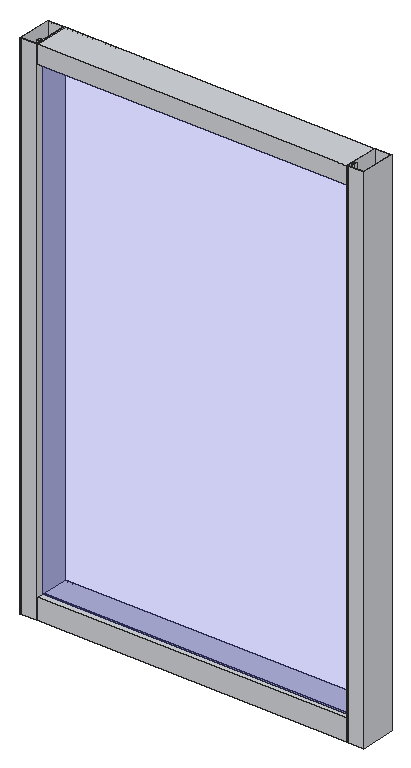
Revit family "Hunter Evo 101.6mm Single Flush Glazed Framing", category Windows, host Wall, Revit 2021
Family settings
  Host = Wall
  OmniClass Number = 23.30.20.00
  OmniClass Title = Windows
  Always vertical = Yes
  Cut with Voids When Loaded = No
  Shared = No
  Room Calculation Point = No
Parameters
  Single Glazed [instance] = yes
  Rough Width = 0 mm  # constant formula
  Rough Height = 0 mm  # constant formula
  Height [instance] = 1500 mm
  Double Glazed [instance] = not(Single Glazed)  # no
  Default Sill Height = 800 mm
  Wall Closure = By host
  Width [instance] = 1000 mm
Reference planes
  plane 1 "Center (Front/Back)": y = 0
  plane 2 "Center (Left/Right)": x = 0
  plane 3 "Left": x = -500
  plane 4 "Right": x = 500
  plane 5 "Sill": z = 800
  plane 6 "Head": z = 2300
  plane 7 "Exterior": y = 100
  plane 8 "Interior": y = -100
Lines and regions (mm)
  Opening 1
    outline origin (3500, -100, 0) x (1, 0, 0) y (0, 0, 1)
      loop
        line (-3000, 800) -> (-3000, 2300) -> (-4000, 2300) -> (-4000, 800) -> (-3000, 800)
Text (mm)
  text "Exterior" at (-1963.203, 1332.353, 0), in view "Ref. Level"
  text "Interior" at (-1981.466, -818.386, 0), in view "Ref. Level"
  text "Exterior" at (0, 923.751, 2943.296), in view "Right"
  text "Exterior" at (0, 1040.484, 2685.409), in view "Left"
Dimensions and locks
  equal spacing: plane 3 "Left", plane 2 "Center (Left/Right)", plane 4 "Right"
  "Width": plane 3 "Left" to plane 4 "Right"
  "Height": plane 5 "Sill" to plane 6 "Head"
  "Default Sill Height": plane 5 "Sill" to level
  locked: plane 7 "Exterior" to host wall
  locked: plane 8 "Interior" to host wall
  aligned and locked: nested 1 to plane 3 "Left"
  aligned and locked: nested 1 to plane 4 "Right"
  aligned and locked: host wall to nested 1
  aligned and locked: nested 1 to plane 6 "Head"
  aligned and locked: nested 1 to plane 5 "Sill"
Automatic sketch dimensions
  Opening 1 sketch curve to plane 3 "Left" = 0 mm
  Opening 1 sketch curve to plane 4 "Right" = 0 mm
  Opening 1 sketch curve to plane 5 "Sill" = 0 mm
  Opening 1 sketch curve to plane 6 "Head" = 0 mm
Nested families
  nested 1: "Hunter Evo 101.6mm Single Flush Glazed Framing" at (0, -0.979, 341.318), type "Hunter Evo 101.6mm Single Flush Glazed Framing"
    with Width 1000 mm, Height 1500 mm, Glass Thk Control 6 mm, Glass Thickness 6 mm, Glass Glass, Frame Material none
Definition of nested family "Hunter Evo 101.6mm Single Flush Glazed Framing"
  Parameters (values of type "Hunter Evo 101.6mm Single Flush Glazed Framing")
    Width [instance] = 750 mm
    URL = "https://www.alspec.com.au/derwent-76mm-centre-pocket-framing"
    Manufacturer = "ALSPEC"
    Jamb Thickness = 50 mm  # constant formula
    Height [instance] = 750 mm
    Glass Thk Control [instance] = if(Glass Thickness > 14 mm, 14 mm, if(Glass Thickness < 4 mm, 4 mm, Glass Thickness))  # 6 mm
    Glass Thickness [instance] = 6 mm
    Glass [instance] = none
    Frame Material [instance] = none
    Designer = "Viraj Mhatre"
    Default Elevation = 0 mm
  Reference planes
    plane 1 "Center (Front/Back)": y = 0.979
    plane 2: z = 368.682
    plane 3 "Center (Left/Right)": x = 0
    plane 4 "Head Top": z = 1958.682
    plane 5 "Sill Bottom": z = 1208.682
    plane 6: x = -375
    plane 7: x = -325
    plane 8: x = 325
    plane 9: x = 375
    plane 10: y = 3.979
    plane 11: y = -2.021
  Forms (mm)
    Extrusion 1, solid, material <- "Glass"
      sketch origin (0, 0, 368.682) x (1, 0, 0) y (0, 1, 0)
        loop
          line (-335, 3.979) -> (-335, -2.021) -> (335, -2.021) -> (335, 3.979) -> (-335, 3.979)
      from 890.496 to 1550
    Sweep 2, solid
      path origin (0, 0, 368.682) x (1, 0, 0) y (0, 1, 0)
        loop
          line (-335, 3.919) -> (-325, 3.919) -> (-325, 83.856) -> (-375, 83.856) -> (-375, -17.744) -> (-325, -17.744) -> (-325, -1.96) -> (-335, -1.96) -> (-335, 3.919)
      profile origin (-335, 0.979, 368.682) x (1, 0, 0) y (0, 0, 1)
        loop
          line (0, 840) -> (0, 1590) -> (-2, 1590) -> (-2, 840) -> (0, 840)
    Sweep 3, solid
      path origin (0, 0, 368.682) x (1, 0, 0) y (0, 1, 0)
        loop
          line (335, 3.919) -> (335, -1.96) -> (325, -1.96) -> (325, -17.744) -> (375, -17.744) -> (375, 83.856) -> (325, 83.856) -> (325, 3.919) -> (335, 3.919)
      profile origin (335, 0.979, 368.682) x (1, 0, 0) y (0, 0, 1)
        loop
          line (0, 840) -> (2, 840) -> (2, 1590) -> (0, 1590) -> (0, 840)
    Sweep 4, solid
      path origin (0, 1.959, 0) x (0, -1, 0) y (0, 0, -1)
        loop
          line (-81.897, -1958.682) -> (19.703, -1958.682) -> (19.703, -1908.682) -> (3.919, -1908.682) -> (3.919, -1918.682) -> (-1.96, -1918.682) -> (-1.96, -1908.682) -> (-81.897, -1908.682) -> (-81.897, -1958.682)
      profile origin (0, 83.856, 1933.682) x (1, 0, 0) y (0, 1, 0)
        loop
          line (-325, 0) -> (-325, -2) -> (325, -2) -> (325, 0) -> (-325, 0)
    Sweep 5, solid
      path origin (0, 1.959, 0) x (0, -1, 0) y (0, 0, -1)
        loop
          line (3.919, -1259.178) -> (3.919, -1269.178) -> (19.403, -1269.178) -> (19.403, -1208.682) -> (-85.097, -1208.682) -> (-85.097, -1238.682) -> (-81.594, -1238.682) -> (-81.594, -1269.182) -> (-1.96, -1269.182) -> (-1.96, -1259.178) -> (3.919, -1259.178)
      profile origin (0, -1.96, 1264.178) x (0, -1, 0) y (1, 0, 0)
        loop
          line (0, -325) -> (2, -325) -> (2, 325) -> (0, 325) -> (0, -325)
  Dimensions and locks
    "Height": plane 4 "Head Top" to plane 5 "Sill Bottom"
    "Jamb Thickness": plane 6 to plane 7
    "Jamb Thickness": plane 8 to plane 9
    equal spacing: plane 10, plane 1 "Center (Front/Back)", plane 11
    "Glass Thickness": plane 10 to plane 11
    equal spacing: plane 6, plane 3 "Center (Left/Right)", plane 9
    "Width": plane 6 to plane 9
    aligned and locked: level to plane 2
    aligned and locked: Extrusion 1 sketch curve to plane 10
    aligned and locked: plane 11 to Extrusion 1 sketch curve
    aligned and locked: plane 1 "Center (Front/Back)" to import instance
    aligned and locked: plane 6 to import instance
    aligned and locked: import instance to plane 1 "Center (Front/Back)"
    aligned and locked: plane 9 to import instance
    aligned and locked: import instance to Sweep 2 sketch curve
    aligned and locked: Sweep 2 sketch curve to import instance  (x7)
    aligned and locked: import instance to Sweep 3 sketch curve
    aligned and locked: Sweep 3 sketch curve to import instance  (x7)
    aligned and locked: plane 4 "Head Top" to Sweep 3 sketch curve
    aligned and locked: Sweep 3 sketch curve to plane 5 "Sill Bottom"
    aligned and locked: Sweep 2 sketch curve to plane 4 "Head Top"
    aligned and locked: plane 5 "Sill Bottom" to Sweep 2 sketch curve
    aligned and locked: Sweep 4 sketch curve to import instance  (x7)
    aligned and locked: import instance to Sweep 4 sketch curve
    aligned and locked: Sweep 5 sketch curve to import instance  (x9)
    aligned and locked: Extrusion 1 to Sweep 4
    aligned and locked: Extrusion 1 to Sweep 5
    aligned and locked: Extrusion 1 to Sweep 3
    aligned and locked: Extrusion 1 to Sweep 2
    aligned and locked: plane 8 to Sweep 5 sketch curve
    aligned and locked: Sweep 5 sketch curve to plane 7
    aligned and locked: Sweep 4 sketch curve to plane 7
    aligned and locked: plane 8 to Sweep 4 sketch curve
    aligned and locked: plane 5 "Sill Bottom" to import instance
  Automatic sketch dimensions
    Extrusion 1 sketch curve to plane 7 = 10 mm
    plane 8 to Extrusion 1 sketch curve = 10 mm
    profile plane to Sweep 2 sketch curve = 0 mm
    profile plane to Sweep 2 sketch curve = 2 mm
    profile plane to Sweep 3 sketch curve = 0 mm
    Sweep 3 sketch curve to profile plane = 2 mm
    profile plane to Sweep 4 sketch curve = 0 mm
    profile plane to Sweep 4 sketch curve = 2 mm
    Sweep 5 sketch curve to Sweep 5 sketch curve = 3.503 mm
    Sweep 5 sketch curve to profile plane = 0 mm
    Sweep 5 sketch curve to profile plane = 2 mm
